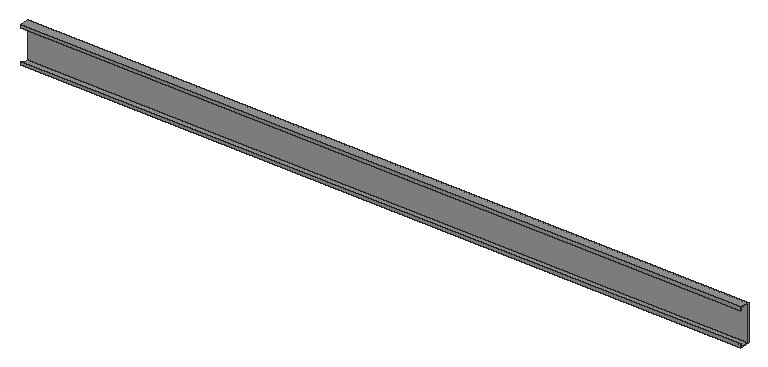
Revit family "TFG_CFS_Joist", category Structural Framing, Revit 2025
Family settings
  Section Shape = Not Defined
  Material for Model Behavior = Steel
  Always export as geometry = No
  Always vertical = Yes
  Cut with Voids When Loaded = No
  Symbolic Representation = From Project Settings
  Shared = No
  Show family pre-cut in plan views = Yes
Parameters (values of type "600S162-54(50)")
  Xcg = bf / 2  # 0' - 0 13/16"
  Weight = 1.89 lbf/ft
  URL = "http://www.clarkdietrich.com/products/curtain-wall-framing/structural-studs"
  Structural Material [instance] = Steel, Galvanized
  Short Tag = ""
  Return = 0' - 0 1/2"
  Product Submittal Link = "http://submittalpro.clarkdietrich.com/index.php?page=select_product&form_data[category]=exterior_framing&form_data[active_product]=structural_stud"
  Product Info = "54mils (16ga) (50ksi)"
  Model = "V2"
  Manufacturer = "ClarkDietrich Building Systems"
  Long Tag = ""
  Keynote = "05.40.00"
  Description = "ClarkDietrich Structural Stud"
  Assembly Code = "C1010.9285"
  Length [instance] = 10' - 0"
  bf = 0' - 1 5/8"
  d = 0' - 6"
  tf = 0' - 0 7/128"
Types (2): name | Xcg | Weight | bf | d
  600S162-54(50) | 0' - 0 13/16" | 1.89 lbf/ft | 0' - 1 5/8" | 0' - 6"
  350S162-54(50) | 0' - 0 11/16" | 1.35 lbf/ft | 0' - 1 3/8" | 0' - 3 1/2"
Reference planes (in)
  plane 1 "Center (Front/Back)": y = 0
  plane 2: z = 0
  plane 3 "Center (Left/Right)": x = 0.1815
  plane 4 "Top": z = 3
  plane 5: z = -3
  plane 6 "Left": x = -29.8185
  plane 7 "Right": x = 90.1815
  plane 8: y = -0.8125
  plane 9: y = 0.8125
  plane 10: y = 0.75781
  plane 11: y = -0.75781
  plane 12: z = 2.94531
  plane 13: z = -2.94531
  plane 14: z = 2.5
  plane 15: z = -2.5
Forms (in)
  Extrusion 1, solid, material "Steel, Galvanized" <- "Structural Material", detail levels medium+fine
    sketch origin (-29.8185, 0.02734, 0.16016) x (0, -1, 0) y (0, 0, 1)
      loop
        line (0.83984, 2.83984) -> (-0.78516, 2.83984) -> (-0.78516, -3.16016) -> (0.83984, -3.16016) -> (0.83984, -2.66016) -> (0.78516, -2.66016) -> (0.78516, -3.10547) -> (-0.73047, -3.10547) -> (-0.73047, 2.78516) -> (0.78516, 2.78516) -> (0.78516, 2.33984) -> (0.83984, 2.33984) -> (0.83984, 2.83984)
    from -120 to 0
Lines and regions (in)
  model lines, style "BIMSF.Framing", detail levels coarse
    curve 1: line (-29.8185, 0, 0) -> (90.1815, 0, 0)
Dimensions and locks (in)
  "d": plane 5 to plane 4 "Top"
  equal spacing: plane 5, plane 2, plane 4 "Top"
  "Length": plane 6 "Left" to plane 7 "Right"
  "bf": plane 9 to plane 8
  equal spacing: plane 9, plane 1 "Center (Front/Back)", plane 8
  "tf": plane 4 "Top" to plane 12
  "tf": plane 13 to plane 5
  "tf": plane 11 to plane 8
  "tf": plane 9 to plane 10
  "Return": plane 4 "Top" to plane 14
  "Return": plane 5 to plane 15
  aligned and locked: Extrusion 1 sketch curve to plane 4 "Top"
  aligned and locked: plane 8 to Extrusion 1 sketch curve  (x2)
  aligned and locked: Extrusion 1 sketch curve to plane 14
  aligned and locked: Extrusion 1 sketch curve to plane 12
  aligned and locked: Extrusion 1 sketch curve to plane 11  (x2)
  aligned and locked: plane 10 to Extrusion 1 sketch curve
  aligned and locked: plane 13 to Extrusion 1 sketch curve
  aligned and locked: plane 15 to Extrusion 1 sketch curve
  aligned and locked: plane 5 to Extrusion 1 sketch curve
  aligned and locked: Extrusion 1 sketch curve to plane 9
  aligned and locked: plane 2 to level
  aligned and locked: Extrusion 1 to plane 7 "Right"
  aligned and locked: plane 6 "Left" to Extrusion 1
  aligned and locked: plane 1 "Center (Front/Back)" to curve 1
  aligned and locked: plane 6 "Left" to curve 1
  aligned and locked: plane 7 "Right" to curve 1
